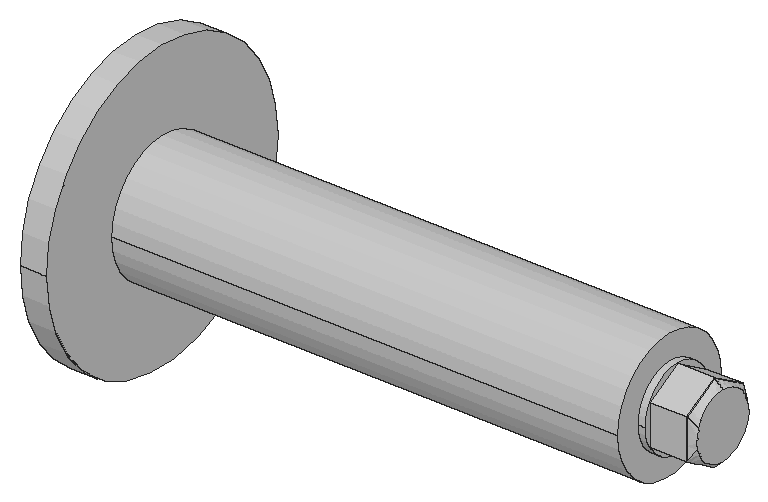
Revit family "SG0080863061CW", category Aparatos sanitarios, Revit 2020
Family settings
  Cota de conector redondo = Diámetro de uso
  Tipo de pieza = Normal
  Número OmniClass = 23.45.00.00
  Título OmniClass = Sanitary, Laundry, and Cleaning Equipment
  Se basa en plano de trabajo = No
  Siempre vertical = Sí
  Corte con vacíos al cargar = Sí
  Compartido = No
  Punto de cálculo de habitación = No
Parameters
  _Edesa_Tipo de instalación = "Al techo"
  _Edesa_Tipo = "Simple"
  _Edesa_SKU = "SG0080863061CW"
  _Edesa_Profundidad (cm) = "-"
  _Edesa_Productos necesarios para la instalación = "Regadera"
  _Edesa_Productos incluidos = "-"
  _Edesa_Peso (Kg) = "-"
  _Edesa_Nombre = "BRAZO DE DUCHA VERTICAL REDONDO"
  _Edesa_Materiales = "Latón"
  _Edesa_Marca = "BRIGGS"
  _Edesa_Manual de instalación = "https://www.briggs.com.ec/productos/instructivos/Briggs/Griferia/Regadera_con_brazo.pdf"
  _Edesa_Garantía = "De por vida para el cuerpo principal y acabado en cromo (306)"
  _Edesa_Ficha técnica = "-"
  _Edesa_Distancia de instalación = "-"
  _Edesa_Descripción = "Brazo de ducha."
  _Edesa_Cumple normativa ADA = "-"
  _Edesa_Contacto Comercial = "(02) 395 2900"
  _Edesa_Consumo/Capacidad = "-"
  _Edesa_Consumo de agua = "-"
  _Edesa_Conexión hidráulica = "Entrada de agua: tubería ø 1/2\""
  _Edesa_Colores/Acabado = "Cromo"
  _Edesa_Certificación = "Cumple con norma NTE - INEN 3123 basada en la norma ASME 112.18.1 - 2012."
  _Edesa_Categoría = "Productos > Grifería > Ducha"
  _Edesa_Ancho (cm) = "-"
  _Edesa_Alto (cm) = "-"
  _BRIGGS_Revisado = "calidad.planos@edesa.com.ec"
  _BRIGGS_Autor BIM = "Ing. Silvia Pinto"
  _BRIGGS_ BIM Manager = "http://www1.veraquintana.net/_sitevq/"
  Elevación por defecto = 0 mm
Reference planes
  plane 1 "Centro (Frontal/Posterior)": y = 0
  plane 2 "Inf": z = 0
  plane 3 "Centro (Izquierda/Derecha)": x = 0
  plane 4: z = 26.888
  plane 5: z = -26.988
  plane 6: z = -7.5
  plane 7: z = 7.5
  plane 8: z = 6.35
  plane 9: z = -6.35
  plane 10: x = 5
  plane 11: x = 100.004
  plane 12: x = 110.004
  plane 13: x = 101.504
  plane 14: x = 108.504
  plane 15: z = 12
  plane 16: z = -12
  plane 17: y = -26.888
  plane 18: y = 26.988
Forms (mm)
  Extrusion 1, solid, material "Acero, cromado"
    sketch origin (0, 0, 0) x (0, 1, 0) y (0, 0, 1)
      loop
        circle (0, 0) r 26.988
    from 0 to 5
  Extrusion 2, solid, material "Acero, cromado"
    sketch origin (0, 0, 0) x (0, 1, 0) y (0, 0, 1)
      loop
        circle (0, 0) r 12
    from 5 to 100.004
  Extrusion 3, solid, material "Acero, cromado"
    sketch origin (0, 0, 0) x (0, 1, 0) y (0, 0, 1)
      loop
        circle (0, 0) r 7.5
    from 100.004 to 101.504
  Extrusion 4, solid, material "Acero, cromado"
    sketch origin (0, 0, 0) x (0, 1, 0) y (0, 0, 1)
      loop
        circle (0, 0) r 6.35
    from -9 to 0
  Extrusion 5, solid, material "Acero, cromado"
    sketch origin (0, 0, 0) x (0, 1, 0) y (0, 0, 1)
      loop
        line (0, -7.5) -> (6.495, -3.75) -> (6.495, 3.75) -> (0, 7.5) -> (-6.495, 3.75) -> (-6.495, -3.75) -> (0, -7.5)
    from 101.504 to 108.504
  Blend 6, solid, material "Acero, cromado"
    base sketch origin (0, 0, 0) x (0, 1, 0) y (0, 0, 1)
      loop
        line (-6.495, 3.75) -> (-6.495, -3.75) -> (0, -7.5) -> (6.495, -3.75) -> (6.495, 3.75) -> (0, 7.5) -> (-6.495, 3.75)
    top sketch origin (0, 0, 0) x (0, 1, 0) y (0, 0, 1)
      loop
        arc (0, 6) -> (-3.511, 4.865) -> (-5.694, 1.891) r 6
        arc (-5.694, 1.891) -> (-5.997, 0.19) -> (-5.802, -1.527) r 6
        arc (-5.802, -1.527) -> (-3.663, -4.752) -> (0, -6) r 6
        arc (0, -6) -> (3.663, -4.752) -> (5.802, -1.527) r 6
        arc (5.802, -1.527) -> (5.997, 0.19) -> (5.694, 1.891) r 6
        arc (5.694, 1.891) -> (3.511, 4.865) -> (0, 6) r 6
    from 108.504 to 110.004
Dimensions and locks
  aligned and locked: level to plane 2 "Inf"
  aligned and locked: Extrusion 1 to plane 3 "Centro (Izquierda/Derecha)"
Connectors
  piping at (0, 0, 0), diameter 12.7
    settings: on Extrusion 4, index 1, connector inside diameter 609.6 mm, connector length 0 mm, flow factor 0, pipe flow 0.0 L/s, pressure drop 0.0 Pa, fitting loss kfactor 0, connector angle 0.00°, fixture units 0, engagement length 0 mm, angle of deflection 0.00°, flow configuration 0, flow direction 1, fitting loss method 0, system type 7, joint type 0, gender type 0, connector reference index -1, connector utility 0, adjustable connector no, is connector primary yes, connector description ""
